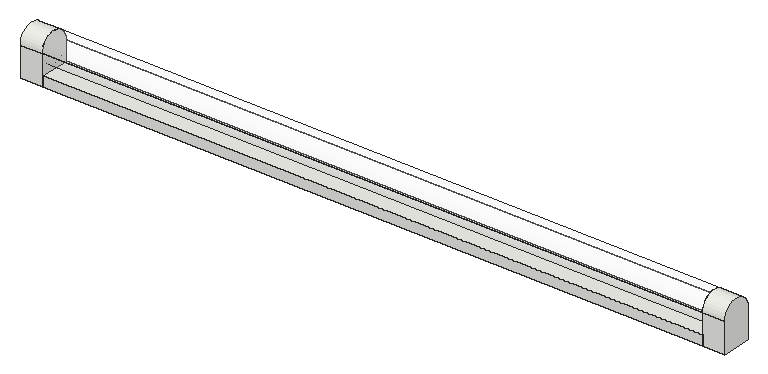
Revit family "f5be2752ae794bc08c298ae845dffa2b", category Lighting Fixtures, Revit 2021
Family settings
  Round Connector Dimension = Use Diameter
  Part Type = Normal
  OmniClass Number = 23.80.70.11.14.14
  OmniClass Title = Uplights
  Seek Item ID = Uplight - Strip-0000-USA-ENU
  Work Plane-Based = No
  Always vertical = Yes
  Cut with Voids When Loaded = No
  Light Source = Yes
  Shared = No
  Room Calculation Point = No
Parameters (values of type "24" - 120V")
  Wattage = 17 W
  built-in parameter 1150110 = 1 (stored number, unit not read)
  built-in parameter 1114217 = 0.88 (stored number, unit not read)
  built-in parameter 1150109 = 1 (stored number, unit not read)
  built-in parameter 1150134 = 8
  built-in parameter 1150113 = 1 (stored number, unit not read)
  built-in parameter 1150115 = 1 (stored number, unit not read)
  built-in parameter 1150105 = 429.71 (stored number, unit not read)
  Load Classification = Lighting - Dwelling Unit
  Light Source Symbol Size = 2' - 0"
  built-in parameter 1150137 = 1
  built-in parameter 1150139 = (empty or 0)
  built-in parameter 1150112 = 1 (stored number, unit not read)
  built-in parameter 1150114 = 1 (stored number, unit not read)
  built-in parameter 1150132 = (empty or 0)
  built-in parameter 1150102 = (empty or 0)
  built-in parameter 1150138 = (empty or 0)
  built-in parameter 1150107 = 4230 (stored number, unit not read)
  built-in parameter 1150106 = 4.2971 (stored number, unit not read)
  Emit from Line Length = Light Length - 0' 1 1/2"  # 1' - 10 1/2"
  built-in parameter 1150104 = 7.3774 (stored number, unit not read)
  Dimming Lamp Color Temperature Shift = <None>
  Default Elevation = 0' - 0"
  Color Filter = 16777215
  Ballast Voltage = 120 V
  Ballast Number of Poles = 1
  built-in parameter 1114218 = 0.88 (stored number, unit not read)
  built-in parameter 1150133 = 10 (stored number, unit not read)
  Assembly Code = "D5020210"
  Lamp = "T-8"
  Light Length = 2' - 0"
  Light Elevation = 5' - 0"
  Lumens = 1349.97 lm
  Wattage Comments = "17"
  Apparent Load = 17 VA
Types (5): name | Wattage | built-in parameter 1150105 | built-in parameter 1150106 | Emit from Line Length | built-in parameter 1150104 | Ballast Voltage | Lamp | Light Length | Lumens | Wattage Comments | Apparent Load
  (no name) | 17 W | 429.71 (stored number, unit not read) | 4.2971 (stored number, unit not read) | 1' - 10 1/2" | 7.3774 (stored number, unit not read) | 120 V | "T-8" | 2' - 0" | 1349.97 lm | "17" | 17 VA
  48" - 120V | 40 W | 1002.7 (stored number, unit not read) | 10.027 (stored number, unit not read) | 3' - 10 1/2" | 7.3161 (stored number, unit not read) | 120 V | "T-12" | 4' - 0" | 3150 lm | "40" | 40 VA
  24" - 120V | 17 W | 429.71 (stored number, unit not read) | 4.2971 (stored number, unit not read) | 1' - 10 1/2" | 7.3774 (stored number, unit not read) | 120 V | "T-8" | 2' - 0" | 1349.97 lm | "17" | 17 VA
  24" - 277V | 17 W | 429.71 (stored number, unit not read) | 4.2971 (stored number, unit not read) | 1' - 10 1/2" | 7.3774 (stored number, unit not read) | 277 V | "T-8" | 2' - 0" | 1349.97 lm | "17" | 17 VA
  48" - 277V | 40 W | 1002.7 (stored number, unit not read) | 10.027 (stored number, unit not read) | 3' - 10 1/2" | 7.3161 (stored number, unit not read) | 277 V | "T-12" | 4' - 0" | 3150 lm | "40" | 40 VA
Reference planes (in)
  plane 1 "Light Source Axis": y = 0
  plane 2: z = 0
  plane 3 "Light Source Axis": x = 0
  plane 4 "Light Source Elevation": z = 61
  plane 5: x = -12
  plane 6: x = 12
  plane 7: x = 11.25
  plane 8: x = -11.25
  plane 9: z = 60
Forms (in)
  Sweep 1, solid, material "Glass, White, High Luminance"
    path origin (0, 0, 61) x (0, -1, 0) y (1, 0, 0)
      loop
        line (0, -11.25) -> (0, 11.25)
    profile origin (0, 0, 54) x (0, 1, 0) y (0, 0, 1)
      loop
        circle (0, 7) r 0.5
  Extrusion 2, solid, material "Steel, Paint Finish, Ivory, Glossy"
    sketch origin (-11.25, 0, 67.5) x (0, 0, 1) y (0, 1, 0)
      loop
        line (-7.5, 0.5) -> (-7.5, -0.5) -> (-6.5, -0.5)
        arc (-6.5, -0.5) -> (-6, 0) -> (-6.5, 0.5) r 0.5
        line (-6.5, 0.5) -> (-7.5, 0.5)
    from 0 to 0.75
  Extrusion 3, solid, material "Steel, Paint Finish, Ivory, Glossy"
    sketch origin (11.25, 0, 60.5) x (0, 1, 0) y (0, 0, 1)
      loop
        line (-0.5, -0.5) -> (0.5, -0.5) -> (0.5, 0.5)
        arc (0.5, 0.5) -> (0, 1) -> (-0.5, 0.5) r 0.5
        line (-0.5, 0.5) -> (-0.5, -0.5)
    from 0 to 0.75
  Extrusion 4, solid, material "Steel, Paint Finish, Ivory, Glossy"
    sketch origin (12, 0, 60.5) x (0, 1, 0) y (0, 0, 1)
      loop
        line (0.5, -0.5) -> (0.5, -0.15871) -> (-0.5, -0.15871) -> (-0.5, -0.5) -> (0.5, -0.5)
    from -23.25 to -0.75
Lines and regions (in)
  symbolic lines
    curve 1: line (12, 0.5, 0) -> (-12, 0.5, 0)
    curve 2: line (12, -0.5, 0) -> (12, 0.5, 0)
    curve 3: line (-12, -0.5, 0) -> (12, -0.5, 0)
    curve 4: line (-12, 0.5, 0) -> (-12, -0.5, 0)
Dimensions and locks (in)
  equal spacing: plane 5, plane 3 "Light Source Axis", plane 6
  "Light Length": plane 5 to plane 6
  locked: plane 5 to plane 8 at 0.75
  locked: plane 7 to plane 6 at 0.75
  locked: plane 4 "Light Source Elevation" to plane 9 at 1
  "Light Elevation": plane 9 to plane 2
  aligned and locked: plane 8 to Sweep 1 sketch curve
  aligned and locked: plane 7 to Sweep 1 sketch curve
  aligned and locked: Extrusion 2 to Sweep 1
  aligned and locked: Extrusion 3 sketch curve to Sweep 1
  aligned and locked: Extrusion 3 to Sweep 1
  aligned and locked: Extrusion 3 to plane 6
  aligned and locked: Extrusion 4 sketch curve to Extrusion 2  (x3)
  aligned and locked: Extrusion 4 to Sweep 1
  aligned and locked: curve 1 to plane 6
  aligned and locked: curve 4 to Extrusion 2  (x2)
  aligned and locked: plane 9 to Extrusion 2
  aligned and locked: Extrusion 2 to plane 5
  aligned and locked: plane 8 to Extrusion 4
  aligned and locked: plane 3 "Light Source Axis" to imposter light
  aligned and locked: plane 1 "Light Source Axis" to imposter light
  aligned and locked: plane 4 "Light Source Elevation" to imposter light
Automatic sketch dimensions
  curve 1 to plane 1 "Light Source Axis" = 0' - 0 1/2"
  Sweep 1 sketch curve to plane 1 "Light Source Axis" = 0' - 0"
  Sweep 1 sketch curve to Sweep 1 sketch curve = 0' - 0"  (x2)
  Sweep 1 sketch curve to plane 4 "Light Source Elevation" = 0' - 0"
  Sweep 1 sketch curve to profile plane = 0' - 0"
  profile plane to Sweep 1 sketch curve = 0' - 0 1/2"
  Extrusion 2 sketch curve to Extrusion 2 sketch curve = 0' - 1"
  Extrusion 3 sketch curve to Extrusion 3 sketch curve = 0' - 1"
  Extrusion 4 sketch curve to Extrusion 3 = 0' - 0.34129"
  radius of Extrusion 2 sketch curve to Sweep 1 = 0' - 0"
Connectors (in)
  electrical at (0, 0, 60), driven by "Apparent Load", driven by "Ballast Voltage", driven by "Ballast Number of Poles", driven by "Load Classification"
    settings: on Extrusion 4, index 1, voltage 120 V, apparent load 0 VA, apparent load phase1 17 VA, apparent load phase2 0 VA, apparent load phase3 0 VA, power factor 0.95, load classification "Lighting - Dwelling Unit", number of poles 1, system type 31, power factor state 1, is connector primary yes, connector utility no, sub classification motor no, connector description ""
